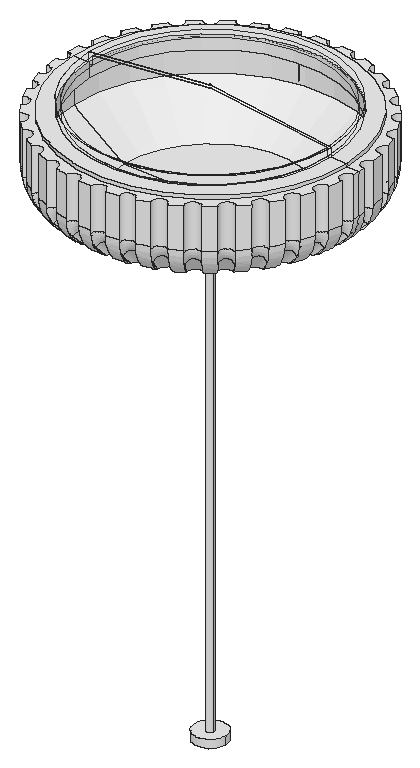
Revit family "CLH", category Lighting Fixtures, host Face, Revit 2013
Parameters (values of type "CLH-5K-CDL")
  Watts = 217.9 W
  Wattage Comments = "Up to 24,000 lumens, 113 LPW and 220 total watts"  # constant formula
  Wattage = 217.9 W
  Warranty = "Five years warranty"  # constant formula
  built-in parameter 1150110 = 1 (stored number, unit not read)
  Voltage = 120 V
  URL = "http://www.hubbellindustrial.com/"
  built-in parameter 1114217 = 1 (stored number, unit not read)
  Tilt Angle = -90.00°  # constant formula
  built-in parameter 1150109 = 1 (stored number, unit not read)
  built-in parameter 1150134 = 2
  built-in parameter 1150113 = 1 (stored number, unit not read)
  Product Page URL = "http://www.hubbellindustrial.com/products/clh"
  Product Material = Power Coat - Hubbell - White
  Product Documentation Link = "http://cdn.hubbellindustrial.com/content/products/specs/specs_files/hil_0268_clh_spec_16.pdf"
  Power Factor = 1
  Photometric Web File = "IES_FPH-5K-CDL-U-ND-A2-WH_14.00864.ies"
  Pendant Height = 36.000"
  Mounting = "Pendant"  # constant formula
  Model = "CHL"  # constant formula
  Manufacturer Phone = "864-678-1000"  # constant formula
  Manufacturer Fax = "866-898-0131"  # constant formula
  Manufacturer = "Hubbell Industrial Lighting"  # constant formula
  built-in parameter 1150105 = 1839.8 (stored number, unit not read)
  Lumens = 23119.2 lm
  built-in parameter 1150115 = 1 (stored number, unit not read)
  Load Classification = Lighting
  built-in parameter 1150137 = (empty or 0)
  built-in parameter 1150139 = (empty or 0)
  Light Bulb Material = Hubbell - White Glass
  Lens Type = Lens : CDL
  Lens = "Prismatic Conical Drop Acrylic"
  built-in parameter 1150112 = 1 (stored number, unit not read)
  built-in parameter 1150114 = 1 (stored number, unit not read)
  Lamp = "Smooth high output LED light fixture"  # constant formula
  built-in parameter 1150132 = (empty or 0)
  built-in parameter 1150102 = (empty or 0)
  built-in parameter 1150107 = 5000 (stored number, unit not read)
  built-in parameter 1150138 = (empty or 0)
  built-in parameter 1150106 = 18.398 (stored number, unit not read)
  Emit from Circle Diameter = 15.000"  # constant formula
  Emit Shape Visible in Rendering = no
  built-in parameter 1150104 = 9.857 (stored number, unit not read)
  Dimming Lamp Color Temperature Shift = <None>
  Dimming = "Non-Dimming"  # constant formula
  Description = "Sealed LED fixture for hazardous locations"  # constant formula
  Default Elevation = 48.000"
  Color Filter = 16777215
  built-in parameter 1114218 = 1 (stored number, unit not read)
  built-in parameter 1150133 = 10 (stored number, unit not read)
  Apparent Load = Watts / Power Factor  # 217.9 VA
Types (5): name | Watts | Wattage | Photometric Web File | built-in parameter 1150105 | Lumens | Lens Type | Lens | built-in parameter 1150106 | built-in parameter 1150104 | Apparent Load
  (no name) | 217.9 W | 217.9 W | "IES_FPH-5K-CDL-U-ND-A2-WH_14.00864.ies" | 1839.8 (stored number, unit not read) | 23119.2 lm | Lens : CDL | "Prismatic Conical Drop Acrylic" | 18.398 (stored number, unit not read) | 9.857 (stored number, unit not read) | 217.9 VA
  CLH-5K-SPC | 217.6 W | 217.6 W | "IES_FPH-5K-SPC-U-ND-A2-WH_14.00862.ies" | 1721.2 (stored number, unit not read) | 21629.4 lm | Lens : SPC | "Sag Polycarbonate" | 17.212 (stored number, unit not read) | 9.2346 (stored number, unit not read) | 217.6 VA
  CLH-5K-P95 | 218.1 W | 218.1 W | "IES_FPH-5K-P95-U-ND-A2-WH_15.00001.ies" | 1959.5 (stored number, unit not read) | 24623.5 lm | Lens : P95 | "Acrylic P95" | 19.595 (stored number, unit not read) | 10.489 (stored number, unit not read) | 218.1 VA
  CLH-5K-DLR | 217.9 W | 217.9 W | "IES_FPH-5K-DLR-U-ND-A2-WH_14.00863.ies" | 1789.5 (stored number, unit not read) | 22487.3 lm | Lens : DLR | "Prismatic Drop Acrylic" | 17.895 (stored number, unit not read) | 9.5876 (stored number, unit not read) | 217.9 VA
  CLH-5K-CDL | 217.9 W | 217.9 W | "IES_FPH-5K-CDL-U-ND-A2-WH_14.00864.ies" | 1839.8 (stored number, unit not read) | 23119.2 lm | Lens : CDL | "Prismatic Conical Drop Acrylic" | 18.398 (stored number, unit not read) | 9.857 (stored number, unit not read) | 217.9 VA
Reference planes (in)
  plane 1 "Center (Front/Back)": y = 0
  plane 2: z = 0
  plane 3 "Center (Left/Right)": x = 0
  plane 4: z = 28.2
  plane 5: z = 0.5
  plane 6: z = 36
Forms (in)
  Extrusion 1, solid, material "Power Coat - Hubbell - White" <- "Product Material"
    sketch origin (0, 0, 0) x (1, 0, 0) y (0, 1, 0)
      loop
        circle (0, 0) r 1
    from 0 to 0.5
  Extrusion 2, solid, material "Power Coat - Hubbell - White" <- "Product Material"
    sketch origin (0, 0, 0) x (1, 0, 0) y (0, 1, 0)
      loop
        circle (0, 0) r 0.25
    from 0.5 to 28.2
Dimensions and locks (in)
  plane 5 to plane 2 = 0.500"
  locked: plane 6 to plane 4 at 7.8
  "Pendant Height": plane 6 to plane 2
  aligned and locked: plane 2 to host face
  aligned and locked: level to host face
  aligned and locked: imposter light to plane 1 "Center (Front/Back)"
  aligned and locked: plane 3 "Center (Left/Right)" to imposter light
  aligned and locked: plane 5 to Extrusion 1
  aligned and locked: Extrusion 2 to Extrusion 1
  aligned and locked: plane 4 to Extrusion 2
  aligned and locked: plane 3 "Center (Left/Right)" to nested 1
  aligned and locked: plane 1 "Center (Front/Back)" to nested 1
  aligned and locked: plane 6 to imposter light
Automatic sketch dimensions
  host sketch curve to host sketch curve = 96.000"  (x2)
  plane 1 "Center (Front/Back)" to Extrusion 1 sketch curve = 0.000"
  Extrusion 1 sketch curve to plane 3 "Center (Left/Right)" = 0.000"
  plane 1 "Center (Front/Back)" to Extrusion 2 sketch curve = 0.000"
  Extrusion 2 sketch curve to plane 3 "Center (Left/Right)" = 0.000"
  radius of Extrusion 1 sketch curve = 1.000"
  radius of Extrusion 2 sketch curve = 0.250"
Nested families (in)
  nested 1: "CLH - Head" at (0, 0, 28.2), type "CLH - Head"
  nested 2: "Lens" at (0, 0, 36), type <- "Lens Type", type "CDL"
Connectors (in)
  electrical at (0, 0, 0), driven by "Load Classification", driven by "Voltage", driven by "Apparent Load", driven by "Power Factor"
    settings: on Extrusion 1, index 1, voltage 120 V, apparent load 217.9 VA, apparent load phase1 0 VA, apparent load phase2 0 VA, apparent load phase3 0 VA, power factor 1, load classification "Lighting", number of poles 1, system type 30, power factor state 1, is connector primary yes, connector utility no, sub classification motor no, connector description "Lighting Connector"
Definition of nested family "CLH - Head"
  Parameters (values of type "CLH - Copy")
    Wattage Comments = ""
    URL = ""
    Product Material = Power Coat - Hubbell - White
    Model = ""
    Manufacturer = ""
    Light Bulb Material = Hubbell - White Glass
    Lamp = ""
    Description = ""
    Default Elevation = 48.000"
    Apparent Load = 0 VA
  Reference planes (in)
    plane 1 "Center (Front/Back)": y = 0
    plane 2: z = 0
    plane 3 "Center (Left/Right)": x = 0
    plane 4: x = -9.5
    plane 5: x = 9.5
    plane 6: z = 7.8
    plane 7: z = 2.75
    plane 8: x = 1.29257
    plane 9: through (4.79774, 0, 1.8445) normal (-0.342, 0, 0.9397)
    plane 10: z = 7.5785
    plane 11: x = 7.75
    plane 12: z = 4.79806
    plane 13: z = 4.391
    plane 14: through (8.46012, 0, 4.79806) normal (-0.5736, 0, 0.8192)
    plane 15: x = 8.75
    plane 16: z = 6.891
  Forms (in)
    Extrusion 1, solid
      sketch origin (0, 0, 0) x (1, 0, 0) y (0, 1, 0)
        loop
          line (-48, 48) -> (-48, -48) -> (48, -48) -> (48, 48) -> (-48, 48)
      from 0 to -12
    Revolve 2, solid, material "Power Coat - Hubbell - White" <- "Product Material"
      sketch origin (0, 0, 0) x (1, 0, 0) y (0, 0, 1)
        loop
          line (9.5, 7.5785) -> (8.75, 7.5785) -> (8.75, 7.8) -> (7.75, 7.8) -> (7.75, 6.891) -> (8.75, 6.891) -> (8.75, 5.00104) -> (5.53519, 2.75) -> (0, 2.75) -> (0, 0) -> (1.29257, 0) -> (1.29257, 0.56872) -> (8.10867, 3.04958)
          arc (8.10867, 3.04958) -> (9.11759, 3.82374) -> (9.5, 5.0366) r 2.11454
          line (9.5, 5.0366) -> (9.5, 7.5785)
        axis (0, 7.8) -> (0, 0)
      angle from 0 to 360
    Sweep 3, void, detail levels fine
      path origin (0, 0, 0) x (1, 0, 0) y (0, 0, 1)
        loop
          line (-9.5, 7.797) -> (-9.5, 4.89633)
          arc (-9.5, 4.89633) -> (-9.38733, 4.34415) -> (-9.06732, 3.88026) r 1.40938
          line (-9.06732, 3.88026) -> (-6.33103, 1.25)
      profile origin (-9.5, 0, 7.797) x (0, -1, 0) y (1, 0, 0)
        loop
          circle (0, 0) r 0.45
    Sweep 4, void, detail levels fine
      path origin (0, 0, 0) x (0.98393, -0.178557, 0) y (0, 0, 1)
        loop
          line (-9.5, 7.797) -> (-9.5, 4.89633)
          arc (-9.5, 4.89633) -> (-9.38733, 4.34415) -> (-9.06732, 3.88026) r 1.40938
          line (-9.06732, 3.88026) -> (-6.33103, 1.25)
      profile origin (-9.34733, 1.69629, 7.797) x (-0.178557, -0.98393, 0) y (0.98393, -0.178557, 0)
        loop
          circle (0, 0) r 0.45
    Sweep 5, void, detail levels fine
      path origin (0, 0, 0) x (0.936235, -0.351375, 0) y (0, 0, 1)
        loop
          line (-9.5, 7.797) -> (-9.5, 4.89633)
          arc (-9.5, 4.89633) -> (-9.38733, 4.34415) -> (-9.06732, 3.88026) r 1.40938
          line (-9.06732, 3.88026) -> (-6.33103, 1.25)
      profile origin (-8.89423, 3.33806, 7.797) x (-0.351375, -0.936235, 0) y (0.936235, -0.351375, 0)
        loop
          circle (0, 0) r 0.45
    Sweep 6, void, detail levels fine
      path origin (0, 0, 0) x (0.858449, -0.512899, 0) y (0, 0, 1)
        loop
          line (-9.5, 7.797) -> (-9.5, 4.89633)
          arc (-9.5, 4.89633) -> (-9.38733, 4.34415) -> (-9.06732, 3.88026) r 1.40938
          line (-9.06732, 3.88026) -> (-6.33103, 1.25)
      profile origin (-8.15526, 4.87254, 7.797) x (-0.512899, -0.858449, 0) y (0.858449, -0.512899, 0)
        loop
          circle (0, 0) r 0.45
    Sweep 7, void, detail levels fine
      path origin (0, 0, 0) x (0.753071, -0.657939, 0) y (0, 0, 1)
        loop
          line (-9.5, 7.797) -> (-9.5, 4.89633)
          arc (-9.5, 4.89633) -> (-9.38733, 4.34415) -> (-9.06732, 3.88026) r 1.40938
          line (-9.06732, 3.88026) -> (-6.33103, 1.25)
      profile origin (-7.15418, 6.25042, 7.797) x (-0.657939, -0.753071, 0) y (0.753071, -0.657939, 0)
        loop
          circle (0, 0) r 0.45
    Sweep 8, void, detail levels fine
      path origin (0, 0, 0) x (0.62349, -0.781831, 0) y (0, 0, 1)
        loop
          line (-9.5, 7.797) -> (-9.5, 4.89633)
          arc (-9.5, 4.89633) -> (-9.38733, 4.34415) -> (-9.06732, 3.88026) r 1.40938
          line (-9.06732, 3.88026) -> (-6.33103, 1.25)
      profile origin (-5.92315, 7.4274, 7.797) x (-0.781831, -0.62349, 0) y (0.62349, -0.781831, 0)
        loop
          circle (0, 0) r 0.45
    Sweep 9, void, detail levels fine
      path origin (0, 0, 0) x (0.473869, -0.880596, 0) y (0, 0, 1)
        loop
          line (-9.5, 7.797) -> (-9.5, 4.89633)
          arc (-9.5, 4.89633) -> (-9.38733, 4.34415) -> (-9.06732, 3.88026) r 1.40938
          line (-9.06732, 3.88026) -> (-6.33103, 1.25)
      profile origin (-4.50175, 8.36566, 7.797) x (-0.880596, -0.473869, 0) y (0.473869, -0.880596, 0)
        loop
          circle (0, 0) r 0.45
    Sweep 10, void, detail levels fine
      path origin (0, 0, 0) x (0.309017, -0.951057, 0) y (0, 0, 1)
        loop
          line (-9.5, 7.797) -> (-9.5, 4.89633)
          arc (-9.5, 4.89633) -> (-9.38733, 4.34415) -> (-9.06732, 3.88026) r 1.40938
          line (-9.06732, 3.88026) -> (-6.33103, 1.25)
      profile origin (-2.93566, 9.03504, 7.797) x (-0.951057, -0.309017, 0) y (0.309017, -0.951057, 0)
        loop
          circle (0, 0) r 0.45
    Sweep 11, void, detail levels fine
      path origin (0, 0, 0) x (0.134233, -0.99095, 0) y (0, 0, 1)
        loop
          line (-9.5, 7.797) -> (-9.5, 4.89633)
          arc (-9.5, 4.89633) -> (-9.38733, 4.34415) -> (-9.06732, 3.88026) r 1.40938
          line (-9.06732, 3.88026) -> (-6.33103, 1.25)
      profile origin (-1.27522, 9.41402, 7.797) x (-0.99095, -0.134233, 0) y (0.134233, -0.99095, 0)
        loop
          circle (0, 0) r 0.45
    Sweep 12, void, detail levels fine
      path origin (0, 0, 0) x (-0.044865, -0.998993, 0) y (0, 0, 1)
        loop
          line (-9.5, 7.797) -> (-9.5, 4.89633)
          arc (-9.5, 4.89633) -> (-9.38733, 4.34415) -> (-9.06732, 3.88026) r 1.40938
          line (-9.06732, 3.88026) -> (-6.33103, 1.25)
      profile origin (0.42622, 9.49043, 7.797) x (-0.998993, 0.044865, 0) y (-0.044865, -0.998993, 0)
        loop
          circle (0, 0) r 0.45
    Sweep 13, void, detail levels fine
      path origin (0, 0, 0) x (-0.222521, -0.974928, 0) y (0, 0, 1)
        loop
          line (-9.5, 7.797) -> (-9.5, 4.89633)
          arc (-9.5, 4.89633) -> (-9.38733, 4.34415) -> (-9.06732, 3.88026) r 1.40938
          line (-9.06732, 3.88026) -> (-6.33103, 1.25)
      profile origin (2.11395, 9.26182, 7.797) x (-0.974928, 0.222521, 0) y (-0.222521, -0.974928, 0)
        loop
          circle (0, 0) r 0.45
    Sweep 14, void, detail levels fine
      path origin (0, 0, 0) x (-0.393025, -0.919528, 0) y (0, 0, 1)
        loop
          line (-9.5, 7.797) -> (-9.5, 4.89633)
          arc (-9.5, 4.89633) -> (-9.38733, 4.34415) -> (-9.06732, 3.88026) r 1.40938
          line (-9.06732, 3.88026) -> (-6.33103, 1.25)
      profile origin (3.73374, 8.73551, 7.797) x (-0.919528, 0.393025, 0) y (-0.393025, -0.919528, 0)
        loop
          circle (0, 0) r 0.45
    Sweep 15, void, detail levels fine
      path origin (0, 0, 0) x (-0.550897, -0.834573, 0) y (0, 0, 1)
        loop
          line (-9.5, 7.797) -> (-9.5, 4.89633)
          arc (-9.5, 4.89633) -> (-9.38733, 4.34415) -> (-9.06732, 3.88026) r 1.40938
          line (-9.06732, 3.88026) -> (-6.33103, 1.25)
      profile origin (5.23352, 7.92845, 7.797) x (-0.834573, 0.550897, 0) y (-0.550897, -0.834573, 0)
        loop
          circle (0, 0) r 0.45
    Sweep 16, void, detail levels fine
      path origin (0, 0, 0) x (-0.691063, -0.722795, 0) y (0, 0, 1)
        loop
          line (-9.5, 7.797) -> (-9.5, 4.89633)
          arc (-9.5, 4.89633) -> (-9.38733, 4.34415) -> (-9.06732, 3.88026) r 1.40938
          line (-9.06732, 3.88026) -> (-6.33103, 1.25)
      profile origin (6.5651, 6.86655, 7.797) x (-0.722795, 0.691063, 0) y (-0.691063, -0.722795, 0)
        loop
          circle (0, 0) r 0.45
    Sweep 17, void, detail levels fine
      path origin (0, 0, 0) x (-0.809017, -0.587785, 0) y (0, 0, 1)
        loop
          line (-9.5, 7.797) -> (-9.5, 4.89633)
          arc (-9.5, 4.89633) -> (-9.38733, 4.34415) -> (-9.06732, 3.88026) r 1.40938
          line (-9.06732, 3.88026) -> (-6.33103, 1.25)
      profile origin (7.68566, 5.58396, 7.797) x (-0.587785, 0.809017, 0) y (-0.809017, -0.587785, 0)
        loop
          circle (0, 0) r 0.45
    Sweep 18, void, detail levels fine
      path origin (0, 0, 0) x (-0.900969, -0.433884, 0) y (0, 0, 1)
        loop
          line (-9.5, 7.797) -> (-9.5, 4.89633)
          arc (-9.5, 4.89633) -> (-9.38733, 4.34415) -> (-9.06732, 3.88026) r 1.40938
          line (-9.06732, 3.88026) -> (-6.33103, 1.25)
      profile origin (8.5592, 4.1219, 7.797) x (-0.433884, 0.900969, 0) y (-0.900969, -0.433884, 0)
        loop
          circle (0, 0) r 0.45
    Sweep 19, void, detail levels fine
      path origin (0, 0, 0) x (-0.963963, -0.266037, 0) y (0, 0, 1)
        loop
          line (-9.5, 7.797) -> (-9.5, 4.89633)
          arc (-9.5, 4.89633) -> (-9.38733, 4.34415) -> (-9.06732, 3.88026) r 1.40938
          line (-9.06732, 3.88026) -> (-6.33103, 1.25)
      profile origin (9.15765, 2.52735, 7.797) x (-0.266037, 0.963963, 0) y (-0.963963, -0.266037, 0)
        loop
          circle (0, 0) r 0.45
    Sweep 20, void, detail levels fine
      path origin (0, 0, 0) x (-0.995974, -0.089639, 0) y (0, 0, 1)
        loop
          line (-9.5, 7.797) -> (-9.5, 4.89633)
          arc (-9.5, 4.89633) -> (-9.38733, 4.34415) -> (-9.06732, 3.88026) r 1.40938
          line (-9.06732, 3.88026) -> (-6.33103, 1.25)
      profile origin (9.46176, 0.85157, 7.797) x (-0.089639, 0.995974, 0) y (-0.995974, -0.089639, 0)
        loop
          circle (0, 0) r 0.45
    Sweep 21, void, detail levels fine
      path origin (0, 0, 0) x (-0.995974, 0.089639, 0) y (0, 0, 1)
        loop
          line (-9.5, 7.797) -> (-9.5, 4.89633)
          arc (-9.5, 4.89633) -> (-9.38733, 4.34415) -> (-9.06732, 3.88026) r 1.40938
          line (-9.06732, 3.88026) -> (-6.33103, 1.25)
      profile origin (9.46176, -0.85157, 7.797) x (0.089639, 0.995974, 0) y (-0.995974, 0.089639, 0)
        loop
          circle (0, 0) r 0.45
    Sweep 22, void, detail levels fine
      path origin (0, 0, 0) x (-0.963963, 0.266037, 0) y (0, 0, 1)
        loop
          line (-9.5, 7.797) -> (-9.5, 4.89633)
          arc (-9.5, 4.89633) -> (-9.38733, 4.34415) -> (-9.06732, 3.88026) r 1.40938
          line (-9.06732, 3.88026) -> (-6.33103, 1.25)
      profile origin (9.15765, -2.52735, 7.797) x (0.266037, 0.963963, 0) y (-0.963963, 0.266037, 0)
        loop
          circle (0, 0) r 0.45
    Sweep 23, void, detail levels fine
      path origin (0, 0, 0) x (-0.900969, 0.433884, 0) y (0, 0, 1)
        loop
          line (-9.5, 7.797) -> (-9.5, 4.89633)
          arc (-9.5, 4.89633) -> (-9.38733, 4.34415) -> (-9.06732, 3.88026) r 1.40938
          line (-9.06732, 3.88026) -> (-6.33103, 1.25)
      profile origin (8.5592, -4.1219, 7.797) x (0.433884, 0.900969, 0) y (-0.900969, 0.433884, 0)
        loop
          circle (0, 0) r 0.45
    Sweep 24, void, detail levels fine
      path origin (0, 0, 0) x (-0.809017, 0.587785, 0) y (0, 0, 1)
        loop
          line (-9.5, 7.797) -> (-9.5, 4.89633)
          arc (-9.5, 4.89633) -> (-9.38733, 4.34415) -> (-9.06732, 3.88026) r 1.40938
          line (-9.06732, 3.88026) -> (-6.33103, 1.25)
      profile origin (7.68566, -5.58396, 7.797) x (0.587785, 0.809017, 0) y (-0.809017, 0.587785, 0)
        loop
          circle (0, 0) r 0.45
    Sweep 25, void, detail levels fine
      path origin (0, 0, 0) x (-0.691063, 0.722795, 0) y (0, 0, 1)
        loop
          line (-9.5, 7.797) -> (-9.5, 4.89633)
          arc (-9.5, 4.89633) -> (-9.38733, 4.34415) -> (-9.06732, 3.88026) r 1.40938
          line (-9.06732, 3.88026) -> (-6.33103, 1.25)
      profile origin (6.5651, -6.86655, 7.797) x (0.722795, 0.691063, 0) y (-0.691063, 0.722795, 0)
        loop
          circle (0, 0) r 0.45
    Sweep 26, void, detail levels fine
      path origin (0, 0, 0) x (-0.550897, 0.834573, 0) y (0, 0, 1)
        loop
          line (-9.5, 7.797) -> (-9.5, 4.89633)
          arc (-9.5, 4.89633) -> (-9.38733, 4.34415) -> (-9.06732, 3.88026) r 1.40938
          line (-9.06732, 3.88026) -> (-6.33103, 1.25)
      profile origin (5.23352, -7.92845, 7.797) x (0.834573, 0.550897, 0) y (-0.550897, 0.834573, 0)
        loop
          circle (0, 0) r 0.45
    Sweep 27, void, detail levels fine
      path origin (0, 0, 0) x (-0.393025, 0.919528, 0) y (0, 0, 1)
        loop
          line (-9.5, 7.797) -> (-9.5, 4.89633)
          arc (-9.5, 4.89633) -> (-9.38733, 4.34415) -> (-9.06732, 3.88026) r 1.40938
          line (-9.06732, 3.88026) -> (-6.33103, 1.25)
      profile origin (3.73374, -8.73551, 7.797) x (0.919528, 0.393025, 0) y (-0.393025, 0.919528, 0)
        loop
          circle (0, 0) r 0.45
    Sweep 28, void, detail levels fine
      path origin (0, 0, 0) x (-0.222521, 0.974928, 0) y (0, 0, 1)
        loop
          line (-9.5, 7.797) -> (-9.5, 4.89633)
          arc (-9.5, 4.89633) -> (-9.38733, 4.34415) -> (-9.06732, 3.88026) r 1.40938
          line (-9.06732, 3.88026) -> (-6.33103, 1.25)
      profile origin (2.11395, -9.26182, 7.797) x (0.974928, 0.222521, 0) y (-0.222521, 0.974928, 0)
        loop
          circle (0, 0) r 0.45
    Sweep 29, void, detail levels fine
      path origin (0, 0, 0) x (-0.044865, 0.998993, 0) y (0, 0, 1)
        loop
          line (-9.5, 7.797) -> (-9.5, 4.89633)
          arc (-9.5, 4.89633) -> (-9.38733, 4.34415) -> (-9.06732, 3.88026) r 1.40938
          line (-9.06732, 3.88026) -> (-6.33103, 1.25)
      profile origin (0.42622, -9.49043, 7.797) x (0.998993, 0.044865, 0) y (-0.044865, 0.998993, 0)
        loop
          circle (0, 0) r 0.45
    Sweep 30, void, detail levels fine
      path origin (0, 0, 0) x (0.134233, 0.99095, 0) y (0, 0, 1)
        loop
          line (-9.5, 7.797) -> (-9.5, 4.89633)
          arc (-9.5, 4.89633) -> (-9.38733, 4.34415) -> (-9.06732, 3.88026) r 1.40938
          line (-9.06732, 3.88026) -> (-6.33103, 1.25)
      profile origin (-1.27522, -9.41402, 7.797) x (0.99095, -0.134233, 0) y (0.134233, 0.99095, 0)
        loop
          circle (0, 0) r 0.45
    Sweep 31, void, detail levels fine
      path origin (0, 0, 0) x (0.309017, 0.951057, 0) y (0, 0, 1)
        loop
          line (-9.5, 7.797) -> (-9.5, 4.89633)
          arc (-9.5, 4.89633) -> (-9.38733, 4.34415) -> (-9.06732, 3.88026) r 1.40938
          line (-9.06732, 3.88026) -> (-6.33103, 1.25)
      profile origin (-2.93566, -9.03504, 7.797) x (0.951057, -0.309017, 0) y (0.309017, 0.951057, 0)
        loop
          circle (0, 0) r 0.45
    Sweep 32, void, detail levels fine
      path origin (0, 0, 0) x (0.473869, 0.880596, 0) y (0, 0, 1)
        loop
          line (-9.5, 7.797) -> (-9.5, 4.89633)
          arc (-9.5, 4.89633) -> (-9.38733, 4.34415) -> (-9.06732, 3.88026) r 1.40938
          line (-9.06732, 3.88026) -> (-6.33103, 1.25)
      profile origin (-4.50175, -8.36566, 7.797) x (0.880596, -0.473869, 0) y (0.473869, 0.880596, 0)
        loop
          circle (0, 0) r 0.45
    Sweep 33, void, detail levels fine
      path origin (0, 0, 0) x (0.62349, 0.781831, 0) y (0, 0, 1)
        loop
          line (-9.5, 7.797) -> (-9.5, 4.89633)
          arc (-9.5, 4.89633) -> (-9.38733, 4.34415) -> (-9.06732, 3.88026) r 1.40938
          line (-9.06732, 3.88026) -> (-6.33103, 1.25)
      profile origin (-5.92315, -7.4274, 7.797) x (0.781831, -0.62349, 0) y (0.62349, 0.781831, 0)
        loop
          circle (0, 0) r 0.45
    Sweep 34, void, detail levels fine
      path origin (0, 0, 0) x (0.753071, 0.657939, 0) y (0, 0, 1)
        loop
          line (-9.5, 7.797) -> (-9.5, 4.89633)
          arc (-9.5, 4.89633) -> (-9.38733, 4.34415) -> (-9.06732, 3.88026) r 1.40938
          line (-9.06732, 3.88026) -> (-6.33103, 1.25)
      profile origin (-7.15418, -6.25042, 7.797) x (0.657939, -0.753071, 0) y (0.753071, 0.657939, 0)
        loop
          circle (0, 0) r 0.45
    Sweep 35, void, detail levels fine
      path origin (0, 0, 0) x (0.858449, 0.512899, 0) y (0, 0, 1)
        loop
          line (-9.5, 7.797) -> (-9.5, 4.89633)
          arc (-9.5, 4.89633) -> (-9.38733, 4.34415) -> (-9.06732, 3.88026) r 1.40938
          line (-9.06732, 3.88026) -> (-6.33103, 1.25)
      profile origin (-8.15526, -4.87254, 7.797) x (0.512899, -0.858449, 0) y (0.858449, 0.512899, 0)
        loop
          circle (0, 0) r 0.45
    Sweep 36, void, detail levels fine
      path origin (0, 0, 0) x (0.936235, 0.351375, 0) y (0, 0, 1)
        loop
          line (-9.5, 7.797) -> (-9.5, 4.89633)
          arc (-9.5, 4.89633) -> (-9.38733, 4.34415) -> (-9.06732, 3.88026) r 1.40938
          line (-9.06732, 3.88026) -> (-6.33103, 1.25)
      profile origin (-8.89423, -3.33806, 7.797) x (0.351375, -0.936235, 0) y (0.936235, 0.351375, 0)
        loop
          circle (0, 0) r 0.45
    Sweep 37, void, detail levels fine
      path origin (0, 0, 0) x (0.98393, 0.178557, 0) y (0, 0, 1)
        loop
          line (-9.5, 7.797) -> (-9.5, 4.89633)
          arc (-9.5, 4.89633) -> (-9.38733, 4.34415) -> (-9.06732, 3.88026) r 1.40938
          line (-9.06732, 3.88026) -> (-6.33103, 1.25)
      profile origin (-9.34733, -1.69629, 7.797) x (0.178557, -0.98393, 0) y (0.98393, 0.178557, 0)
        loop
          circle (0, 0) r 0.45
  Cuts and joins
    Sweep 3, Sweep 4, Sweep 5, Sweep 6, Sweep 7, Sweep 8, Sweep 9, Sweep 10, Sweep 11, Sweep 12, Sweep 13, Sweep 14, Sweep 15, Sweep 16, Sweep 17, Sweep 18, Sweep 19, Sweep 20, Sweep 21, Sweep 22, Sweep 23, Sweep 24, Sweep 25, Sweep 26, Sweep 27, Sweep 28, Sweep 29, Sweep 30, Sweep 31, Sweep 32, Sweep 33, Sweep 34, Sweep 35, Sweep 36, Sweep 37 cuts Revolve 2
  Dimensions and locks (in)
    equal spacing: plane 4, plane 3 "Center (Left/Right)", plane 5
    equal spacing: plane 5, plane 3 "Center (Left/Right)", plane 4, locked at 9.5 each
    locked: plane 2 to plane 6 at 7.8
    plane 11 to plane 3 "Center (Left/Right)" = 7.750"
    aligned and locked: plane 2 to Extrusion 1
    aligned and locked: level to Extrusion 1
    aligned and locked: Revolve 2 sketch curve to plane 3 "Center (Left/Right)"
    aligned and locked: plane 5 to Revolve 2 sketch curve
    aligned and locked: Revolve 2 sketch curve to plane 2
    aligned and locked: plane 7 to Revolve 2 sketch curve
    aligned and locked: plane 8 to Revolve 2 sketch curve
    aligned and locked: plane 9 to Revolve 2 sketch curve
    aligned and locked: plane 11 to Revolve 2 sketch curve
    aligned and locked: plane 14 to Revolve 2 sketch curve
    aligned and locked: plane 15 to Revolve 2 sketch curve  (x2)
    aligned and locked: Revolve 2 sketch curve to plane 16
    aligned and locked: plane 10 to Revolve 2 sketch curve
    aligned and locked: plane 6 to Revolve 2 sketch curve
  Automatic sketch dimensions
    Extrusion 1 sketch curve to Extrusion 1 sketch curve = 96.000"  (x2)
    plane 7 to Revolve 2 sketch curve = 0.29958"
    plane 12 to Revolve 2 sketch curve = 0.23853"
    Revolve 2 sketch curve to level = 24.000"
    plane 6 to Revolve 2 sketch curve = 95.07782"
    Sweep 3 sketch curve to profile plane = 0.000"
    Sweep 3 sketch curve to Sweep 3 sketch curve = 0.9767"
    Sweep 3 sketch curve to Sweep 3 sketch curve = 0.43268"
    Sweep 3 sketch curve to Sweep 3 sketch curve = 2.73629"
    Sweep 3 sketch curve to Sweep 3 sketch curve = 2.63026"
    Sweep 3 sketch curve to Sweep 3 sketch curve = 2.90067"
    profile plane to Sweep 3 sketch curve = 0.000"
    Sweep 4 sketch curve to profile plane = 0.000"
    Sweep 4 sketch curve to Sweep 4 sketch curve = 0.9767"
    Sweep 4 sketch curve to Sweep 4 sketch curve = 0.43268"
    Sweep 4 sketch curve to Sweep 4 sketch curve = 2.73629"
    Sweep 4 sketch curve to Sweep 4 sketch curve = 2.63026"
    Sweep 4 sketch curve to Sweep 4 sketch curve = 2.90067"
    profile plane to Sweep 4 sketch curve = 0.000"
    Sweep 5 sketch curve to profile plane = 0.000"
    Sweep 5 sketch curve to Sweep 5 sketch curve = 0.9767"
    Sweep 5 sketch curve to Sweep 5 sketch curve = 0.43268"
    Sweep 5 sketch curve to Sweep 5 sketch curve = 2.73629"
    Sweep 5 sketch curve to Sweep 5 sketch curve = 2.63026"
    Sweep 5 sketch curve to Sweep 5 sketch curve = 2.90067"
    profile plane to Sweep 5 sketch curve = 0.000"
    Sweep 6 sketch curve to profile plane = 0.000"
    Sweep 6 sketch curve to Sweep 6 sketch curve = 0.9767"
    Sweep 6 sketch curve to Sweep 6 sketch curve = 0.43268"
    Sweep 6 sketch curve to Sweep 6 sketch curve = 2.73629"
    Sweep 6 sketch curve to Sweep 6 sketch curve = 2.63026"
    Sweep 6 sketch curve to Sweep 6 sketch curve = 2.90067"
    profile plane to Sweep 6 sketch curve = 0.000"
    Sweep 7 sketch curve to profile plane = 0.000"
    Sweep 7 sketch curve to Sweep 7 sketch curve = 0.9767"
    Sweep 7 sketch curve to Sweep 7 sketch curve = 0.43268"
    Sweep 7 sketch curve to Sweep 7 sketch curve = 2.73629"
    Sweep 7 sketch curve to Sweep 7 sketch curve = 2.63026"
    Sweep 7 sketch curve to Sweep 7 sketch curve = 2.90067"
    profile plane to Sweep 7 sketch curve = 0.000"
    Sweep 8 sketch curve to profile plane = 0.000"
    Sweep 8 sketch curve to Sweep 8 sketch curve = 0.9767"
    Sweep 8 sketch curve to Sweep 8 sketch curve = 0.43268"
    Sweep 8 sketch curve to Sweep 8 sketch curve = 2.73629"
    Sweep 8 sketch curve to Sweep 8 sketch curve = 2.63026"
    Sweep 8 sketch curve to Sweep 8 sketch curve = 2.90067"
    profile plane to Sweep 8 sketch curve = 0.000"
    Sweep 9 sketch curve to profile plane = 0.000"
    Sweep 9 sketch curve to Sweep 9 sketch curve = 0.9767"
    Sweep 9 sketch curve to Sweep 9 sketch curve = 0.43268"
    Sweep 9 sketch curve to Sweep 9 sketch curve = 2.73629"
    Sweep 9 sketch curve to Sweep 9 sketch curve = 2.63026"
    Sweep 9 sketch curve to Sweep 9 sketch curve = 2.90067"
    profile plane to Sweep 9 sketch curve = 0.000"
    Sweep 10 sketch curve to profile plane = 0.000"
    Sweep 10 sketch curve to Sweep 10 sketch curve = 0.9767"
    Sweep 10 sketch curve to Sweep 10 sketch curve = 0.43268"
    Sweep 10 sketch curve to Sweep 10 sketch curve = 2.73629"
    Sweep 10 sketch curve to Sweep 10 sketch curve = 2.63026"
    Sweep 10 sketch curve to Sweep 10 sketch curve = 2.90067"
    profile plane to Sweep 10 sketch curve = 0.000"
    Sweep 11 sketch curve to profile plane = 0.000"
    Sweep 11 sketch curve to Sweep 11 sketch curve = 0.9767"
    Sweep 11 sketch curve to Sweep 11 sketch curve = 0.43268"
    Sweep 11 sketch curve to Sweep 11 sketch curve = 2.73629"
    Sweep 11 sketch curve to Sweep 11 sketch curve = 2.63026"
    Sweep 11 sketch curve to Sweep 11 sketch curve = 2.90067"
    profile plane to Sweep 11 sketch curve = 0.000"
    Sweep 12 sketch curve to profile plane = 0.000"
    Sweep 12 sketch curve to Sweep 12 sketch curve = 0.9767"
    Sweep 12 sketch curve to Sweep 12 sketch curve = 0.43268"
    Sweep 12 sketch curve to Sweep 12 sketch curve = 2.73629"
    Sweep 12 sketch curve to Sweep 12 sketch curve = 2.63026"
    Sweep 12 sketch curve to Sweep 12 sketch curve = 2.90067"
    profile plane to Sweep 12 sketch curve = 0.000"
    Sweep 13 sketch curve to profile plane = 0.000"
    Sweep 13 sketch curve to Sweep 13 sketch curve = 0.9767"
    Sweep 13 sketch curve to Sweep 13 sketch curve = 0.43268"
    Sweep 13 sketch curve to Sweep 13 sketch curve = 2.73629"
    Sweep 13 sketch curve to Sweep 13 sketch curve = 2.63026"
    Sweep 13 sketch curve to Sweep 13 sketch curve = 2.90067"
    profile plane to Sweep 13 sketch curve = 0.000"
    Sweep 14 sketch curve to profile plane = 0.000"
    Sweep 14 sketch curve to Sweep 14 sketch curve = 0.9767"
    Sweep 14 sketch curve to Sweep 14 sketch curve = 0.43268"
    Sweep 14 sketch curve to Sweep 14 sketch curve = 2.73629"
    Sweep 14 sketch curve to Sweep 14 sketch curve = 2.63026"
    Sweep 14 sketch curve to Sweep 14 sketch curve = 2.90067"
    profile plane to Sweep 14 sketch curve = 0.000"
    Sweep 15 sketch curve to profile plane = 0.000"
    Sweep 15 sketch curve to Sweep 15 sketch curve = 0.9767"
    Sweep 15 sketch curve to Sweep 15 sketch curve = 0.43268"
    Sweep 15 sketch curve to Sweep 15 sketch curve = 2.73629"
    Sweep 15 sketch curve to Sweep 15 sketch curve = 2.63026"
    Sweep 15 sketch curve to Sweep 15 sketch curve = 2.90067"
    profile plane to Sweep 15 sketch curve = 0.000"
    Sweep 16 sketch curve to profile plane = 0.000"
    Sweep 16 sketch curve to Sweep 16 sketch curve = 0.9767"
    Sweep 16 sketch curve to Sweep 16 sketch curve = 0.43268"
    Sweep 16 sketch curve to Sweep 16 sketch curve = 2.73629"
    Sweep 16 sketch curve to Sweep 16 sketch curve = 2.63026"
    Sweep 16 sketch curve to Sweep 16 sketch curve = 2.90067"
    profile plane to Sweep 16 sketch curve = 0.000"
    Sweep 17 sketch curve to profile plane = 0.000"
    Sweep 17 sketch curve to Sweep 17 sketch curve = 0.9767"
    Sweep 17 sketch curve to Sweep 17 sketch curve = 0.43268"
    Sweep 17 sketch curve to Sweep 17 sketch curve = 2.73629"
    Sweep 17 sketch curve to Sweep 17 sketch curve = 2.63026"
    Sweep 17 sketch curve to Sweep 17 sketch curve = 2.90067"
    profile plane to Sweep 17 sketch curve = 0.000"
    Sweep 18 sketch curve to profile plane = 0.000"
    Sweep 18 sketch curve to Sweep 18 sketch curve = 0.9767"
    Sweep 18 sketch curve to Sweep 18 sketch curve = 0.43268"
    Sweep 18 sketch curve to Sweep 18 sketch curve = 2.73629"
    Sweep 18 sketch curve to Sweep 18 sketch curve = 2.63026"
    Sweep 18 sketch curve to Sweep 18 sketch curve = 2.90067"
    profile plane to Sweep 18 sketch curve = 0.000"
    Sweep 19 sketch curve to profile plane = 0.000"
    Sweep 19 sketch curve to Sweep 19 sketch curve = 0.9767"
    Sweep 19 sketch curve to Sweep 19 sketch curve = 0.43268"
    Sweep 19 sketch curve to Sweep 19 sketch curve = 2.73629"
    Sweep 19 sketch curve to Sweep 19 sketch curve = 2.63026"
    Sweep 19 sketch curve to Sweep 19 sketch curve = 2.90067"
    profile plane to Sweep 19 sketch curve = 0.000"
    Sweep 20 sketch curve to profile plane = 0.000"
    Sweep 20 sketch curve to Sweep 20 sketch curve = 0.9767"
    Sweep 20 sketch curve to Sweep 20 sketch curve = 0.43268"
    Sweep 20 sketch curve to Sweep 20 sketch curve = 2.73629"
    Sweep 20 sketch curve to Sweep 20 sketch curve = 2.63026"
    Sweep 20 sketch curve to Sweep 20 sketch curve = 2.90067"
    profile plane to Sweep 20 sketch curve = 0.000"
    Sweep 21 sketch curve to profile plane = 0.000"
    Sweep 21 sketch curve to Sweep 21 sketch curve = 0.9767"
    Sweep 21 sketch curve to Sweep 21 sketch curve = 0.43268"
    Sweep 21 sketch curve to Sweep 21 sketch curve = 2.73629"
    Sweep 21 sketch curve to Sweep 21 sketch curve = 2.63026"
    Sweep 21 sketch curve to Sweep 21 sketch curve = 2.90067"
    profile plane to Sweep 21 sketch curve = 0.000"
    Sweep 22 sketch curve to profile plane = 0.000"
    Sweep 22 sketch curve to Sweep 22 sketch curve = 0.9767"
    Sweep 22 sketch curve to Sweep 22 sketch curve = 0.43268"
    Sweep 22 sketch curve to Sweep 22 sketch curve = 2.73629"
    Sweep 22 sketch curve to Sweep 22 sketch curve = 2.63026"
    Sweep 22 sketch curve to Sweep 22 sketch curve = 2.90067"
    profile plane to Sweep 22 sketch curve = 0.000"
    Sweep 23 sketch curve to profile plane = 0.000"
    Sweep 23 sketch curve to Sweep 23 sketch curve = 0.9767"
    Sweep 23 sketch curve to Sweep 23 sketch curve = 0.43268"
    Sweep 23 sketch curve to Sweep 23 sketch curve = 2.73629"
    Sweep 23 sketch curve to Sweep 23 sketch curve = 2.63026"
    Sweep 23 sketch curve to Sweep 23 sketch curve = 2.90067"
    profile plane to Sweep 23 sketch curve = 0.000"
    Sweep 24 sketch curve to profile plane = 0.000"
    Sweep 24 sketch curve to Sweep 24 sketch curve = 0.9767"
    Sweep 24 sketch curve to Sweep 24 sketch curve = 0.43268"
    Sweep 24 sketch curve to Sweep 24 sketch curve = 2.73629"
    Sweep 24 sketch curve to Sweep 24 sketch curve = 2.63026"
    Sweep 24 sketch curve to Sweep 24 sketch curve = 2.90067"
    profile plane to Sweep 24 sketch curve = 0.000"
    Sweep 25 sketch curve to profile plane = 0.000"
    Sweep 25 sketch curve to Sweep 25 sketch curve = 0.9767"
    Sweep 25 sketch curve to Sweep 25 sketch curve = 0.43268"
    Sweep 25 sketch curve to Sweep 25 sketch curve = 2.73629"
    Sweep 25 sketch curve to Sweep 25 sketch curve = 2.63026"
    Sweep 25 sketch curve to Sweep 25 sketch curve = 2.90067"
    profile plane to Sweep 25 sketch curve = 0.000"
    Sweep 26 sketch curve to profile plane = 0.000"
    Sweep 26 sketch curve to Sweep 26 sketch curve = 0.9767"
    Sweep 26 sketch curve to Sweep 26 sketch curve = 0.43268"
    Sweep 26 sketch curve to Sweep 26 sketch curve = 2.73629"
    Sweep 26 sketch curve to Sweep 26 sketch curve = 2.63026"
    Sweep 26 sketch curve to Sweep 26 sketch curve = 2.90067"
    profile plane to Sweep 26 sketch curve = 0.000"
    Sweep 27 sketch curve to profile plane = 0.000"
    Sweep 27 sketch curve to Sweep 27 sketch curve = 0.9767"
    Sweep 27 sketch curve to Sweep 27 sketch curve = 0.43268"
    Sweep 27 sketch curve to Sweep 27 sketch curve = 2.73629"
    Sweep 27 sketch curve to Sweep 27 sketch curve = 2.63026"
    Sweep 27 sketch curve to Sweep 27 sketch curve = 2.90067"
    profile plane to Sweep 27 sketch curve = 0.000"
    Sweep 28 sketch curve to profile plane = 0.000"
    Sweep 28 sketch curve to Sweep 28 sketch curve = 0.9767"
    Sweep 28 sketch curve to Sweep 28 sketch curve = 0.43268"
    Sweep 28 sketch curve to Sweep 28 sketch curve = 2.73629"
    Sweep 28 sketch curve to Sweep 28 sketch curve = 2.63026"
    Sweep 28 sketch curve to Sweep 28 sketch curve = 2.90067"
    profile plane to Sweep 28 sketch curve = 0.000"
    Sweep 29 sketch curve to profile plane = 0.000"
    Sweep 29 sketch curve to Sweep 29 sketch curve = 0.9767"
    Sweep 29 sketch curve to Sweep 29 sketch curve = 0.43268"
    Sweep 29 sketch curve to Sweep 29 sketch curve = 2.73629"
    Sweep 29 sketch curve to Sweep 29 sketch curve = 2.63026"
    Sweep 29 sketch curve to Sweep 29 sketch curve = 2.90067"
    profile plane to Sweep 29 sketch curve = 0.000"
    Sweep 30 sketch curve to profile plane = 0.000"
    Sweep 30 sketch curve to Sweep 30 sketch curve = 0.9767"
    Sweep 30 sketch curve to Sweep 30 sketch curve = 0.43268"
    Sweep 30 sketch curve to Sweep 30 sketch curve = 2.73629"
    Sweep 30 sketch curve to Sweep 30 sketch curve = 2.63026"
    Sweep 30 sketch curve to Sweep 30 sketch curve = 2.90067"
    profile plane to Sweep 30 sketch curve = 0.000"
    Sweep 31 sketch curve to profile plane = 0.000"
    Sweep 31 sketch curve to Sweep 31 sketch curve = 0.9767"
    Sweep 31 sketch curve to Sweep 31 sketch curve = 0.43268"
    Sweep 31 sketch curve to Sweep 31 sketch curve = 2.73629"
    Sweep 31 sketch curve to Sweep 31 sketch curve = 2.63026"
    Sweep 31 sketch curve to Sweep 31 sketch curve = 2.90067"
    profile plane to Sweep 31 sketch curve = 0.000"
    Sweep 32 sketch curve to profile plane = 0.000"
    Sweep 32 sketch curve to Sweep 32 sketch curve = 0.9767"
    Sweep 32 sketch curve to Sweep 32 sketch curve = 0.43268"
    Sweep 32 sketch curve to Sweep 32 sketch curve = 2.73629"
    Sweep 32 sketch curve to Sweep 32 sketch curve = 2.63026"
    Sweep 32 sketch curve to Sweep 32 sketch curve = 2.90067"
    profile plane to Sweep 32 sketch curve = 0.000"
    Sweep 33 sketch curve to profile plane = 0.000"
    Sweep 33 sketch curve to Sweep 33 sketch curve = 0.9767"
    Sweep 33 sketch curve to Sweep 33 sketch curve = 0.43268"
    Sweep 33 sketch curve to Sweep 33 sketch curve = 2.73629"
    Sweep 33 sketch curve to Sweep 33 sketch curve = 2.63026"
    Sweep 33 sketch curve to Sweep 33 sketch curve = 2.90067"
    profile plane to Sweep 33 sketch curve = 0.000"
    Sweep 34 sketch curve to profile plane = 0.000"
    Sweep 34 sketch curve to Sweep 34 sketch curve = 0.9767"
    Sweep 34 sketch curve to Sweep 34 sketch curve = 0.43268"
    Sweep 34 sketch curve to Sweep 34 sketch curve = 2.73629"
    Sweep 34 sketch curve to Sweep 34 sketch curve = 2.63026"
    Sweep 34 sketch curve to Sweep 34 sketch curve = 2.90067"
    profile plane to Sweep 34 sketch curve = 0.000"
    Sweep 35 sketch curve to profile plane = 0.000"
    Sweep 35 sketch curve to Sweep 35 sketch curve = 0.9767"
    Sweep 35 sketch curve to Sweep 35 sketch curve = 0.43268"
    Sweep 35 sketch curve to Sweep 35 sketch curve = 2.73629"
    Sweep 35 sketch curve to Sweep 35 sketch curve = 2.63026"
    Sweep 35 sketch curve to Sweep 35 sketch curve = 2.90067"
    profile plane to Sweep 35 sketch curve = 0.000"
    Sweep 36 sketch curve to profile plane = 0.000"
    Sweep 36 sketch curve to Sweep 36 sketch curve = 0.9767"
    Sweep 36 sketch curve to Sweep 36 sketch curve = 0.43268"
    Sweep 36 sketch curve to Sweep 36 sketch curve = 2.73629"
    Sweep 36 sketch curve to Sweep 36 sketch curve = 2.63026"
    Sweep 36 sketch curve to Sweep 36 sketch curve = 2.90067"
    profile plane to Sweep 36 sketch curve = 0.000"
    Sweep 37 sketch curve to profile plane = 0.000"
    Sweep 37 sketch curve to Sweep 37 sketch curve = 0.9767"
    Sweep 37 sketch curve to Sweep 37 sketch curve = 0.43268"
    Sweep 37 sketch curve to Sweep 37 sketch curve = 2.73629"
    Sweep 37 sketch curve to Sweep 37 sketch curve = 2.63026"
    Sweep 37 sketch curve to Sweep 37 sketch curve = 2.90067"
    profile plane to Sweep 37 sketch curve = 0.000"
    Revolve 2 sketch curve to plane 3 "Center (Left/Right)" = 0.000"
    radius of Sweep 3 sketch curve = 0.450"
    radius of Sweep 4 sketch curve = 0.450"
    radius of Sweep 5 sketch curve = 0.450"
    radius of Sweep 6 sketch curve = 0.450"
    radius of Sweep 7 sketch curve = 0.450"
    radius of Sweep 8 sketch curve = 0.450"
    radius of Sweep 9 sketch curve = 0.450"
    radius of Sweep 10 sketch curve = 0.450"
    radius of Sweep 11 sketch curve = 0.450"
    radius of Sweep 12 sketch curve = 0.450"
    radius of Sweep 13 sketch curve = 0.450"
    radius of Sweep 14 sketch curve = 0.450"
    radius of Sweep 15 sketch curve = 0.450"
    radius of Sweep 16 sketch curve = 0.450"
    radius of Sweep 17 sketch curve = 0.450"
    radius of Sweep 18 sketch curve = 0.450"
    radius of Sweep 19 sketch curve = 0.450"
    radius of Sweep 20 sketch curve = 0.450"
    radius of Sweep 21 sketch curve = 0.450"
    radius of Sweep 22 sketch curve = 0.450"
    radius of Sweep 23 sketch curve = 0.450"
    radius of Sweep 24 sketch curve = 0.450"
    radius of Sweep 25 sketch curve = 0.450"
    radius of Sweep 26 sketch curve = 0.450"
    radius of Sweep 27 sketch curve = 0.450"
    radius of Sweep 28 sketch curve = 0.450"
    radius of Sweep 29 sketch curve = 0.450"
    radius of Sweep 30 sketch curve = 0.450"
    radius of Sweep 31 sketch curve = 0.450"
    radius of Sweep 32 sketch curve = 0.450"
    radius of Sweep 33 sketch curve = 0.450"
    radius of Sweep 34 sketch curve = 0.450"
    radius of Sweep 35 sketch curve = 0.450"
    radius of Sweep 36 sketch curve = 0.450"
    radius of Sweep 37 sketch curve = 0.450"
Definition of nested family "Lens"
  Parameters (values of type "DLR")
    URL = "http://www.hubbellindustrial.com/"
    SPC = no
    P95 = no
    Model = "FPH"  # constant formula
    Manufacturer Phone = "864-678-1000"  # constant formula
    Manufacturer Fax = "866-898-0131"  # constant formula
    Manufacturer = "Hubbell Industrial Lighting"  # constant formula
    Light Bulb Material = Hubbell - White Glass
    Description = "Food Processing Highbay"  # constant formula
    Default Elevation = 48.000"
    DLR = yes
    CDL = no
  Types (4): name | SPC | P95 | DLR | CDL
    DLR | no | no | yes | no
    CDL | no | no | no | yes
    P95 | no | yes | no | no
    SPC | yes | no | no | no
  Reference planes (in)
    plane 1 "Center (Front/Back)": y = 0
    plane 2: z = 0
    plane 3 "Center (Left/Right)": x = 0
    plane 4: x = 7.75
    plane 5: x = -7.75
    plane 6: x = -4.7915
    plane 7: x = 4.7915
    plane 8: z = 2.38
    plane 9: z = 0
    plane 10: z = 1.5
    plane 11: z = 0.57
    plane 12: z = 3.46
  Forms (in)
    Extrusion 1, solid
      sketch origin (0, 0, 0) x (1, 0, 0) y (0, 1, 0)
        loop
          line (-48, 48) -> (-48, -48) -> (48, -48) -> (48, 48) -> (-48, 48)
      from 0 to -12
    Revolve 2, solid, material "Hubbell - White Glass" <- "Light Bulb Material", visible <- "P95"
      sketch origin (0, 0, -7.741) x (1, 0, 0) y (0, 0, 1)
        loop
          line (0, 7.641) -> (7.75, 7.641) -> (7.75, 8.211) -> (0, 8.211) -> (0, 7.641)
        axis (0, 7.641) -> (0, 8.211)
      angle from 0 to 360
    Revolve 3, solid, material "Hubbell - White Glass" <- "Light Bulb Material", visible <- "CDL"
      sketch origin (0, 0, -7.741) x (1, 0, 0) y (0, 0, 1)
        loop
          line (7.48033, 7.641) -> (7.75, 7.641) -> (7.75, 8.305) -> (0.0974, 9.141) -> (0, 9.141) -> (0, 8.96099) -> (0.0992, 8.96099) -> (7.48033, 8.16828) -> (7.48033, 7.641)
        axis (0, 9.141) -> (0, 7.641)
      angle from 0 to 360
    Revolve 4, solid, material "Hubbell - White Glass" <- "Light Bulb Material", visible <- "DLR"
      sketch origin (0, 0, -7.741) x (1, 0, 0) y (0, 0, 1)
        loop
          line (-7.75, 7.641) -> (-7.5246, 7.641) -> (-4.71161, 10.951) -> (0, 10.951) -> (0, 11.101) -> (-4.7915, 11.101) -> (-7.6, 8.211) -> (-7.75, 8.211) -> (-7.75, 7.641)
        axis (0, 7.641) -> (0, 11.101)
      angle from 0 to 360
    Revolve 5, solid, material "Hubbell - White Glass" <- "Light Bulb Material", visible <- "SPC"
      sketch origin (0, 0, -7.741) x (1, 0, 0) y (0, 0, 1)
        loop
          line (-7.75, 7.641) -> (-7.5, 7.641) -> (-7.5, 8.211)
          spline (-7.5, 8.211) -> (-7.43584, 8.41462) -> (-7.24444, 8.61476) -> (-6.9291, 8.80799) -> (-6.49519, 8.991) -> (-5.95015, 9.16067) -> (-5.3033, 9.31409) -> (-4.56571, 9.44863) -> (-3.75, 9.562) -> (-2.87013, 9.65225) -> (-1.94114, 9.71784) -> (-0.97895, 9.75765) -> (0, 9.771)
          line (0, 9.771) -> (0, 10.021)
          spline (0, 10.021) -> (-1.01158, 10.00552) -> (-2.00585, 9.95933) -> (-2.9658, 9.88322) -> (-3.875, 9.77851) -> (-4.7179, 9.64697) -> (-5.48008, 9.49086) -> (-6.14849, 9.31286) -> (-6.7117, 9.116) -> (-7.16007, 8.90366) -> (-7.48593, 8.67946) -> (-7.6837, 8.44725) -> (-7.75, 8.211)
          line (-7.75, 8.211) -> (-7.75, 7.641)
        axis (0, 10.021) -> (0, 7.641)
      angle from 0 to 360
  Dimensions and locks (in)
    plane 6 to plane 7 = 9.583"
    equal spacing: plane 4, plane 3 "Center (Left/Right)", plane 5
    plane 4 to plane 3 "Center (Left/Right)" = 7.750"
    locked: plane 8 to plane 9 at 2.38
    locked: plane 10 to plane 9 at 1.5
    locked: plane 11 to plane 9 at 0.57
    locked: plane 12 to plane 9 at 3.46
    aligned and locked: plane 2 to Extrusion 1
    aligned and locked: level to Extrusion 1
  Automatic sketch dimensions
    Extrusion 1 sketch curve to Extrusion 1 sketch curve = 96.000"  (x2)
    Revolve 2 sketch curve to plane 3 "Center (Left/Right)" = 0.000"  (x2)
    plane 4 to Revolve 2 sketch curve = 0.000"
    Revolve 2 sketch curve to level = 0.100"
    Revolve 2 sketch curve to plane 11 = 0.100"
    Revolve 2 sketch curve to Revolve 2 sketch curve = 17.97449"
    plane 12 to Revolve 2 sketch curve = 2.56851"
    Revolve 3 sketch curve to plane 3 "Center (Left/Right)" = 0.000"  (x2)
    plane 4 to Revolve 3 sketch curve = 0.000"
    Revolve 3 sketch curve to level = 0.100"
    plane 3 "Center (Left/Right)" to Revolve 3 sketch curve = 0.0974"
    plane 3 "Center (Left/Right)" to Revolve 3 sketch curve = 0.0992"
    Revolve 3 sketch curve to Revolve 3 sketch curve = 0.26967"
    Revolve 3 sketch curve to plane 11 = 0.14272"
    Revolve 3 sketch curve to plane 11 = 0.006"
    Revolve 3 sketch curve to plane 10 = 0.28001"
    Revolve 3 sketch curve to plane 10 = 0.100"
    Revolve 3 sketch curve to level = 31.741"
    Revolve 3 sketch curve to Revolve 3 sketch curve = 9.000"
    Revolve 4 sketch curve to plane 5 = 0.000"
    plane 6 to Revolve 4 sketch curve = 0.000"
    Revolve 4 sketch curve to plane 3 "Center (Left/Right)" = 0.000"  (x2)
    Revolve 4 sketch curve to level = 0.100"
    Revolve 4 sketch curve to Revolve 4 sketch curve = 0.150"
    Revolve 4 sketch curve to Revolve 4 sketch curve = 0.2254"
    Revolve 4 sketch curve to plane 6 = 0.07989"
    Revolve 4 sketch curve to plane 11 = 0.100"
    Revolve 4 sketch curve to plane 12 = 0.250"
    Revolve 4 sketch curve to plane 12 = 0.100"
    Revolve 4 sketch curve to level = 3.46141"
    Revolve 4 sketch curve to level = 0.6099"
    Revolve 5 sketch curve to plane 5 = 0.000"
    Revolve 5 sketch curve to plane 3 "Center (Left/Right)" = 0.000"  (x2)
    Revolve 5 sketch curve to level = 0.100"
    plane 5 to Revolve 5 sketch curve = 0.250"
    Revolve 5 sketch curve to plane 8 = 0.350"
    Revolve 5 sketch curve to plane 8 = 0.100"
    Revolve 5 sketch curve to level = 2.100"
    Revolve 5 sketch curve to plane 11 = 0.100"
    Revolve 5 sketch curve to Revolve 5 sketch curve = 0.000"  (x3)
    plane 12 to Revolve 5 sketch curve = 1.543"
